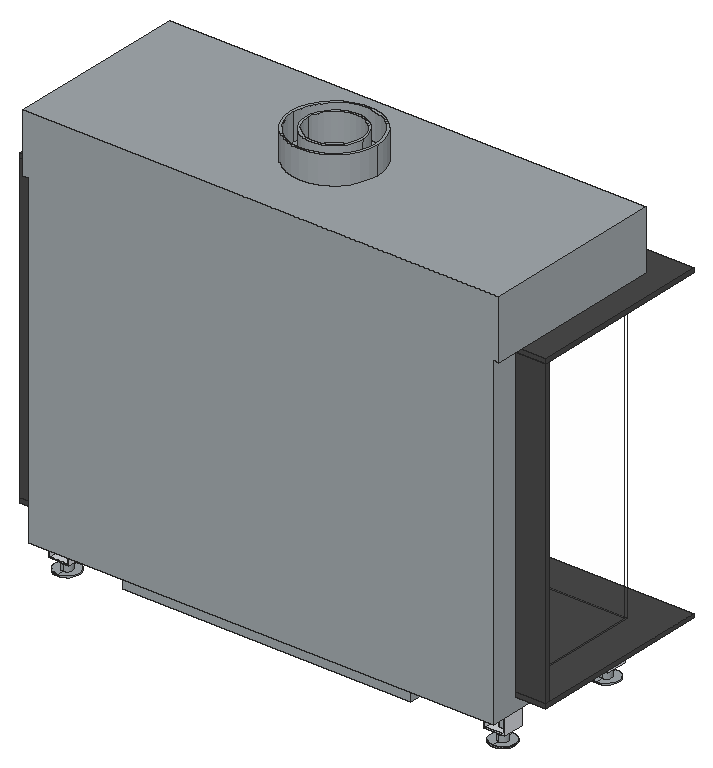
Revit family "1METALFIRE_AVENUE_MF_GHE_3S", category Mechanical Equipment, host Wall, Revit 2017
Family settings
  Host = Wall
  Round Connector Dimension = Use Diameter
  Part Type = Normal
  OmniClass Number = 23.75.00.00
  OmniClass Title = Climate Control (HVAC)
  Always vertical = Yes
  Cut with Voids When Loaded = No
  Shared = No
  Room Calculation Point = Yes
Parameters (values of type "1050 x 750 mm")
  WIDTH = 1107 mm
  WEIGHT = 150.00 kg
  URL = "https://www.metalfire.eu"
  TECHNICAL SHEET = "https://www.metalfire.eu/en/products/gas-fireplaces/avenue"
  SMOKE EXHAUST = "Ø130/200 mm"
  PRODUCT SHEET = "https://www.archiproducts.com/en/products/metalfire/gas-3-sided-fireplace-avenue-3-sided-fireplace_457082"
  PRODUCT CODE = "MF 1050-75 GHE 3S"
  OVERALL WIDTH = 1178 mm
  OVERALL HEIGHT = 1120 mm
  OVERALL DEPTH = 444 mm
  OUTPUT = 9.5 kW
  Model = "Avenue"
  Manufacturer = "Metalfire"
  MATERIAL DESCRIPTION = "Iron, galvanized steel and vermiculite plates"
  HEIGHT = 740 mm
  FRAME MATERIAL = Iron - Metalfire
  FINISHING MATERIAL = Black painted vermiculite plates - Metalfire
  ENERGY EFFICIENCY CLASS = "A (G20) / B (G30)"
  EFFICIENCY = 87.00%
  Description = "The Avenue represents the gas-fired high efficiency closed fireplaces in the Metalfire range."
  DEPTH = 336 mm
  BIM USER MANUAL = "https://img.edilportale.com/bim/METALFIRE-BIM-USER-MANUAL-Metalfire-bim.pdf"
  BIM BADGE = "https://bim.archiproducts.com/en/badge/bim-archiproducts-featured_658700/about"
  BIM AUTHOR = "https://bim.archiproducts.com"
Types (8, lengths in mm): name | WIDTH | WEIGHT | PRODUCT CODE | OVERALL WIDTH | OVERALL HEIGHT | OUTPUT | HEIGHT | ENERGY EFFICIENCY CLASS | EFFICIENCY
  1050 x 750 mm | 1107 | 150.00 kg | "MF 1050-75 GHE 3S" | 1178 | 1120 | 9.5 kW | 740 | "A (G20) / B (G30)" | 87.00%
  800 x 750 mm | 857 | 100.00 kg | "MF 800-75 GHE 3S" | 928 | 1120 | 8.1 kW | 740 | "B" | 84.50%
  900 x 600 mm | 957 | 100.00 kg | "MF 900-60 GHE 3S" | 1028 | 970 | 8.1 kW | 590 | "B" | 84.50%
  1050 x 400 mm | 1107 | 100.00 kg | "MF 1050-40 GHE 3S" | 1178 | 770 | 8.0 kW | 390 | "B" | 84.80%
  1050 x 600 mm | 1107 | 150.00 kg | "MF 1050-60 GHE 3S" | 1178 | 970 | 9.5 kW | 590 | "A (G20) / B (G30)" | 87.00%
  1300 x 400 mm | 1300 | 100.00 kg | "MF 1300-40 GHE 3S" | 1428 | 770 | 8.4 kW | 590 | "B" | 82.00%
  1300 x 600 mm | 1357 | 150.00 kg | "MF 1300-60 GHE 3S" | 1428 | 970 | 9.5 kW | 590 | "A (G20) / B (G30)" | 87.00%
  1600 x 400 mm | 1657 | 150.00 kg | "MF 1600-40 GHE 3S" | 1728 | 770 | 9.5 kW | 390 | "B" | 83.30%
Reference planes
  plane 1 "Wall": y = 0
  plane 2 "Center (Left/Right)": x = 0
  plane 3 "Back": y = 600
  plane 4: x = 553.5
  plane 5: x = -553.5
  plane 6: z = 121
  plane 7: z = 861
Forms (mm)
  Extrusion 1, solid, material "Iron - Metalfire" <- "FRAME MATERIAL", detail levels fine
    sketch origin (0, 381.083, 0) x (-1, 0, 0) y (0, -1, 0)
      loop
        circle (0, 73.083) r 100
      loop
        circle (0, 73.083) r 105
    from 1014 to 1080
  Extrusion 2, solid, material "Iron - Metalfire" <- "FRAME MATERIAL", detail levels fine
    sketch origin (0, 300, 0) x (-1, 0, 0) y (0, 0, 1)
      loop
        line (-349.5, 46) -> (349.5, 46) -> (349.5, 78) -> (-349.5, 78) -> (-349.5, 46)
    from 188 to -197
  Extrusion 3, solid, material "Black painted vermiculite plates - Metalfire" <- "FINISHING MATERIAL", detail levels medium+fine
    sketch origin (1538.26, 300, 0) x (-1, 0, 0) y (0, 0, 1)
      loop
        line (900.76, 111) -> (2175.76, 111) -> (2175.76, 121) -> (900.76, 121) -> (900.76, 111)
      loop
        line (2175.76, 871) -> (900.76, 871) -> (900.76, 861) -> (2175.76, 861) -> (2175.76, 871)
    from 300 to -148
  Extrusion 4, solid, material "Iron - Metalfire" <- "FRAME MATERIAL", detail levels fine
    sketch origin (0, 300, 0) x (0, -1, 0) y (0, 0, -1)
      loop
        line (-230, -1014) -> (214, -1014) -> (214, -78) -> (-207, -78) -> (-207, -111) -> (148, -111) -> (148, -871) -> (-230, -871) -> (-230, -1014)
    from -563.5 to 563.5
  Extrusion 5, solid, material "Black painted vermiculite plates - Metalfire" <- "FINISHING MATERIAL", detail levels medium+fine
    sketch origin (0, 300, 0) x (-1, 0, 0) y (0, 0, 1)
      loop
        line (-637.5, 121) -> (637.5, 121) -> (637.5, 861) -> (-637.5, 861) -> (-637.5, 121)
    from -148 to -138
  Extrusion 6, solid, material "Iron - Metalfire" <- "FRAME MATERIAL", detail levels fine
    sketch origin (0, 381.083, 0) x (-1, 0, 0) y (0, -1, 0)
      loop
        circle (0, 73.083) r 65
      loop
        circle (0, 73.083) r 70
    from 1014 to 1080
  Extrusion 7, solid, material "Iron - Metalfire" <- "FRAME MATERIAL", detail levels fine
    sketch origin (0, 300, 0) x (0, -1, 0) y (0, 0, 1)
      loop
        line (-230, 1014) -> (-230, 871) -> (214, 871) -> (214, 1014) -> (-230, 1014)
    from 563.5 to 577.5
  Extrusion 8, solid, material "Clear Glass - Metalfire", detail levels medium+fine
    sketch origin (0, 0, 0) x (1, 0, 0) y (0, 1, 0)
      loop
        line (-553.5, 507) -> (-553.5, 162) -> (-548.5, 162) -> (-548.5, 502) -> (548.5, 502) -> (548.5, 162) -> (553.5, 162) -> (553.5, 507) -> (-553.5, 507)
    from 121 to 861
  Extrusion 9, solid, material "Iron - Metalfire" <- "FRAME MATERIAL", detail levels fine
    sketch origin (-11.25, 300, 0) x (0, -1, 0) y (0, 0, -1)
      loop
        line (-230, -1014) -> (214, -1014) -> (214, -871) -> (-230, -871) -> (-230, -1014)
    from 574.75 to 588.75
  Revolve 10, solid, material "Iron - Metalfire" <- "FRAME MATERIAL", detail levels fine
    sketch origin (-528.5, -242.858, 1200) x (0, -1, 0) y (0, 0, 1)
      loop
        line (-714.93, -1200) -> (-684.93, -1200) -> (-684.93, -1197) -> (-702.93, -1197) -> (-702.93, -1184) -> (-706.93, -1184) -> (-706.93, -1122) -> (-714.93, -1122) -> (-714.93, -1200)
      axis (-714.93, -1122) -> (-714.93, -1200)
    angle from 0 to 360
  Revolve 11, solid, material "Iron - Metalfire" <- "FRAME MATERIAL", detail levels fine
    sketch origin (-528.5, 70.642, 1200) x (0, -1, 0) y (0, 0, 1)
      loop
        line (-87.93, -1200) -> (-57.93, -1200) -> (-57.93, -1197) -> (-75.93, -1197) -> (-75.93, -1184) -> (-79.93, -1184) -> (-79.93, -1122) -> (-87.93, -1122) -> (-87.93, -1200)
      axis (-87.93, -1122) -> (-87.93, -1200)
    angle from 0 to 360
  Revolve 12, solid, material "Iron - Metalfire" <- "FRAME MATERIAL", detail levels fine
    sketch origin (-528.5, -242.858, 1200) x (0, -1, 0) y (0, 0, 1)
      loop
        line (-714.93, -1200) -> (-684.93, -1200) -> (-684.93, -1197) -> (-702.93, -1197) -> (-702.93, -1184) -> (-706.93, -1184) -> (-706.93, -1122) -> (-714.93, -1122) -> (-714.93, -1200)
      axis (-714.93, -1122) -> (-714.93, -1200)
    angle from 0 to 360
  Revolve 13, solid, material "Iron - Metalfire" <- "FRAME MATERIAL", detail levels fine
    sketch origin (-528.5, 70.642, 1200) x (0, -1, 0) y (0, 0, 1)
      loop
        line (-87.93, -1200) -> (-57.93, -1200) -> (-57.93, -1197) -> (-75.93, -1197) -> (-75.93, -1184) -> (-79.93, -1184) -> (-79.93, -1122) -> (-87.93, -1122) -> (-87.93, -1200)
      axis (-87.93, -1122) -> (-87.93, -1200)
    angle from 0 to 360
  Extrusion 14, solid, detail levels fine
    sketch origin (-49.5, 1.572, 0) x (-1, 0, 0) y (0, 0, 1)
      loop
        line (457, 78) -> (454, 78) -> (454, 29.8) -> (504, 29.8) -> (504, 78) -> (501, 78) -> (501, 32.8) -> (457, 32.8) -> (457, 78)
    from 131 to 183
  Extrusion 15, solid, detail levels fine
    sketch origin (-49.5, 562.572, 0) x (-1, 0, 0) y (0, 0, -1)
      loop
        line (457, -78) -> (457, -32.8) -> (501, -32.8) -> (501, -78) -> (504, -78) -> (504, -29.8) -> (454, -29.8) -> (454, -78) -> (457, -78)
    from 64.5 to 116.5
  Revolve 16, solid, material "Iron - Metalfire" <- "FRAME MATERIAL", detail levels fine
    sketch origin (528.5, -242.858, 1200) x (0, -1, 0) y (0, 0, -1)
      loop
        line (-714.93, 1200) -> (-714.93, 1122) -> (-706.93, 1122) -> (-706.93, 1184) -> (-702.93, 1184) -> (-702.93, 1197) -> (-684.93, 1197) -> (-684.93, 1200) -> (-714.93, 1200)
      axis (-714.93, 1122) -> (-714.93, 1200)
    angle from 0 to 360
  Revolve 17, solid, material "Iron - Metalfire" <- "FRAME MATERIAL", detail levels fine
    sketch origin (528.5, 70.642, 1200) x (0, -1, 0) y (0, 0, -1)
      loop
        line (-87.93, 1200) -> (-87.93, 1122) -> (-79.93, 1122) -> (-79.93, 1184) -> (-75.93, 1184) -> (-75.93, 1197) -> (-57.93, 1197) -> (-57.93, 1200) -> (-87.93, 1200)
      axis (-87.93, 1122) -> (-87.93, 1200)
    angle from 0 to 360
  Revolve 18, solid, material "Iron - Metalfire" <- "FRAME MATERIAL", detail levels fine
    sketch origin (528.5, -242.858, 1200) x (0, -1, 0) y (0, 0, -1)
      loop
        line (-714.93, 1200) -> (-714.93, 1122) -> (-706.93, 1122) -> (-706.93, 1184) -> (-702.93, 1184) -> (-702.93, 1197) -> (-684.93, 1197) -> (-684.93, 1200) -> (-714.93, 1200)
      axis (-714.93, 1122) -> (-714.93, 1200)
    angle from 0 to 360
  Revolve 19, solid, material "Iron - Metalfire" <- "FRAME MATERIAL", detail levels fine
    sketch origin (528.5, 70.642, 1200) x (0, -1, 0) y (0, 0, -1)
      loop
        line (-87.93, 1200) -> (-87.93, 1122) -> (-79.93, 1122) -> (-79.93, 1184) -> (-75.93, 1184) -> (-75.93, 1197) -> (-57.93, 1197) -> (-57.93, 1200) -> (-87.93, 1200)
      axis (-87.93, 1122) -> (-87.93, 1200)
    angle from 0 to 360
  Extrusion 20, solid, detail levels fine
    sketch origin (49.5, 1.572, 0) x (1, 0, 0) y (0, 0, -1)
      loop
        line (457, -78) -> (457, -32.8) -> (501, -32.8) -> (501, -78) -> (504, -78) -> (504, -29.8) -> (454, -29.8) -> (454, -78) -> (457, -78)
    from 131 to 183
  Extrusion 21, solid, detail levels fine
    sketch origin (49.5, 562.572, 0) x (1, 0, 0) y (0, 0, 1)
      loop
        line (457, 78) -> (454, 78) -> (454, 29.8) -> (504, 29.8) -> (504, 78) -> (501, 78) -> (501, 32.8) -> (457, 32.8) -> (457, 78)
    from 64.5 to 116.5
  Revolve 22, solid, material "Iron - Metalfire" <- "FRAME MATERIAL", not visible, detail levels fine
    sketch origin (-435, -544.43, 1200) x (0, -1, 0) y (0, 0, 1)
      loop
        line (-714.93, -1200) -> (-684.93, -1200) -> (-684.93, -1197) -> (-702.93, -1197) -> (-702.93, -1184) -> (-706.93, -1184) -> (-706.93, -1122) -> (-714.93, -1122) -> (-714.93, -1200)
      axis (-714.93, -1122) -> (-714.93, -1200)
    angle from 0 to 360
  Revolve 23, solid, material "Iron - Metalfire" <- "FRAME MATERIAL", not visible, detail levels fine
    sketch origin (-435, -230.93, 1200) x (0, -1, 0) y (0, 0, 1)
      loop
        line (-87.93, -1200) -> (-57.93, -1200) -> (-57.93, -1197) -> (-75.93, -1197) -> (-75.93, -1184) -> (-79.93, -1184) -> (-79.93, -1122) -> (-87.93, -1122) -> (-87.93, -1200)
      axis (-87.93, -1122) -> (-87.93, -1200)
    angle from 0 to 360
  Revolve 24, solid, material "Iron - Metalfire" <- "FRAME MATERIAL", not visible, detail levels fine
    sketch origin (-435, -544.43, 1200) x (0, -1, 0) y (0, 0, 1)
      loop
        line (-714.93, -1200) -> (-684.93, -1200) -> (-684.93, -1197) -> (-702.93, -1197) -> (-702.93, -1184) -> (-706.93, -1184) -> (-706.93, -1122) -> (-714.93, -1122) -> (-714.93, -1200)
      axis (-714.93, -1122) -> (-714.93, -1200)
    angle from 0 to 360
  Revolve 25, solid, material "Iron - Metalfire" <- "FRAME MATERIAL", not visible, detail levels fine
    sketch origin (-435, -230.93, 1200) x (0, -1, 0) y (0, 0, 1)
      loop
        line (-87.93, -1200) -> (-57.93, -1200) -> (-57.93, -1197) -> (-75.93, -1197) -> (-75.93, -1184) -> (-79.93, -1184) -> (-79.93, -1122) -> (-87.93, -1122) -> (-87.93, -1200)
      axis (-87.93, -1122) -> (-87.93, -1200)
    angle from 0 to 360
  Extrusion 26, solid, not visible, detail levels fine
    sketch origin (44, -300, 0) x (-1, 0, 0) y (0, 0, 1)
      loop
        line (457, 78) -> (454, 78) -> (454, 29.8) -> (504, 29.8) -> (504, 78) -> (501, 78) -> (501, 32.8) -> (457, 32.8) -> (457, 78)
    from 131 to 183
  Extrusion 27, solid, not visible, detail levels fine
    sketch origin (44, 261, 0) x (-1, 0, 0) y (0, 0, -1)
      loop
        line (457, -78) -> (457, -32.8) -> (501, -32.8) -> (501, -78) -> (504, -78) -> (504, -29.8) -> (454, -29.8) -> (454, -78) -> (457, -78)
    from 64.5 to 116.5
  Revolve 28, solid, material "Iron - Metalfire" <- "FRAME MATERIAL", not visible, detail levels fine
    sketch origin (447, -544.43, 1200) x (0, -1, 0) y (0, 0, -1)
      loop
        line (-714.93, 1200) -> (-714.93, 1122) -> (-706.93, 1122) -> (-706.93, 1184) -> (-702.93, 1184) -> (-702.93, 1197) -> (-684.93, 1197) -> (-684.93, 1200) -> (-714.93, 1200)
      axis (-714.93, 1122) -> (-714.93, 1200)
    angle from 0 to 360
  Revolve 29, solid, material "Iron - Metalfire" <- "FRAME MATERIAL", not visible, detail levels fine
    sketch origin (447, -230.93, 1200) x (0, -1, 0) y (0, 0, -1)
      loop
        line (-87.93, 1200) -> (-87.93, 1122) -> (-79.93, 1122) -> (-79.93, 1184) -> (-75.93, 1184) -> (-75.93, 1197) -> (-57.93, 1197) -> (-57.93, 1200) -> (-87.93, 1200)
      axis (-87.93, 1122) -> (-87.93, 1200)
    angle from 0 to 360
  Revolve 30, solid, material "Iron - Metalfire" <- "FRAME MATERIAL", not visible, detail levels fine
    sketch origin (447, -544.43, 1200) x (0, -1, 0) y (0, 0, -1)
      loop
        line (-714.93, 1200) -> (-714.93, 1122) -> (-706.93, 1122) -> (-706.93, 1184) -> (-702.93, 1184) -> (-702.93, 1197) -> (-684.93, 1197) -> (-684.93, 1200) -> (-714.93, 1200)
      axis (-714.93, 1122) -> (-714.93, 1200)
    angle from 0 to 360
  Revolve 31, solid, material "Iron - Metalfire" <- "FRAME MATERIAL", not visible, detail levels fine
    sketch origin (447, -230.93, 1200) x (0, -1, 0) y (0, 0, -1)
      loop
        line (-87.93, 1200) -> (-87.93, 1122) -> (-79.93, 1122) -> (-79.93, 1184) -> (-75.93, 1184) -> (-75.93, 1197) -> (-57.93, 1197) -> (-57.93, 1200) -> (-87.93, 1200)
      axis (-87.93, 1122) -> (-87.93, 1200)
    angle from 0 to 360
  Extrusion 32, solid, not visible, detail levels fine
    sketch origin (-32, -300, 0) x (1, 0, 0) y (0, 0, -1)
      loop
        line (457, -78) -> (457, -32.8) -> (501, -32.8) -> (501, -78) -> (504, -78) -> (504, -29.8) -> (454, -29.8) -> (454, -78) -> (457, -78)
    from 131 to 183
  Extrusion 33, solid, not visible, detail levels fine
    sketch origin (-32, 261, 0) x (1, 0, 0) y (0, 0, 1)
      loop
        line (457, 78) -> (454, 78) -> (454, 29.8) -> (504, 29.8) -> (504, 78) -> (501, 78) -> (501, 32.8) -> (457, 32.8) -> (457, 78)
    from 64.5 to 116.5
  Extrusion 34, void
    sketch origin (0, 0, 0) x (1, 0, 0) y (0, 1, 0)
      loop
        line (-577.5, 86) -> (577.5, 86) -> (577.5, 530) -> (-577.5, 530) -> (-577.5, 86)
    from 0 to 1080
  Extrusion 35, void
    sketch origin (0, 0, 0) x (1, 0, 0) y (0, 1, 0)
      loop
        line (-637.5, 152) -> (-577.5, 152) -> (-577.5, 530) -> (577.5, 530) -> (577.5, 152) -> (637.5, 152) -> (637.5, 600) -> (-637.5, 600) -> (-637.5, 152)
    from 111 to 871
Cuts and joins
  joined: Extrusion 4, Extrusion 7, Extrusion 9
Text (mm)
  text "Placement side" at (-1820.995, 1116.779, 0), in view "Ref. Level"
  text "Placement side" at (0, 1334.055, 2976.191), in view "Left"
  text "Placement side" at (0, 439.194, 2944.362), in view "Right"
Dimensions and locks
  locked: plane 3 "Back" to host wall
  equal spacing: plane 5, plane 2 "Center (Left/Right)", plane 4
  "WIDTH": plane 5 to plane 4
  locked: level to plane 6 at 121
  "HEIGHT": plane 6 to plane 7
  locked: plane 7 to Extrusion 1 at 219
  locked: Extrusion 4 sketch curve to plane 7 at 10
  locked: Extrusion 4 sketch curve to plane 7 at 153
  locked: plane 6 to Extrusion 4 sketch curve at 10
  locked: plane 6 to Extrusion 4 sketch curve at 43
  Extrusion 2 to plane 2 "Center (Left/Right)" to Extrusion 2 = 349.5 mm locked, 349.5 mm locked
  locked: plane 5 to Extrusion 3 sketch curve at 84
  locked: Extrusion 3 sketch curve to plane 5 at 84
  locked: Extrusion 7 sketch curve to plane 7 at 153
  locked: Extrusion 7 sketch curve to plane 7 at 10
  plane 5 to Extrusion 7 to Extrusion 7 = 10 mm locked, 14 mm locked
  locked: plane 5 to Extrusion 8 sketch curve at 5
  plane 4 to Extrusion 9 = 24 mm
  locked: Extrusion 3 sketch curve to plane 4 at 84
  locked: plane 4 to Extrusion 3 sketch curve at 84
  locked: Extrusion 8 sketch curve to plane 4 at 5
  Extrusion 2 to Extrusion 2 to plane 3 "Back" = 385 mm locked, 112 mm locked
  locked: plane 3 "Back" to Extrusion 21 at 101.928
  locked: plane 3 "Back" to Extrusion 15 at 101.928
  locked: Extrusion 3 to plane 3 "Back" at 448
  locked: Extrusion 5 to Extrusion 3 at 10
  locked: Extrusion 8 sketch curve to plane 3 "Back" at 438
  locked: Extrusion 8 sketch curve to Extrusion 8 sketch curve at 5
  locked: plane 3 "Back" to Extrusion 8 sketch curve at 93
  locked: Extrusion 1 sketch curve to plane 3 "Back" at 292
  locked: Extrusion 6 sketch curve to plane 3 "Back" at 292
  locked: Extrusion 4 sketch curve to plane 3 "Back" at 514
  locked: Extrusion 4 to plane 5 at 10
  locked: plane 4 to Extrusion 4 at 10
  locked: Extrusion 7 to Extrusion 7 at 14
  locked: Extrusion 9 to Extrusion 9 at 14
  locked: Extrusion 5 to Extrusion 3 sketch curve at 10
  locked: cut or joined group of Extrusion 4, Extrusion 7, Extrusion 9 to Extrusion 5 at 10
  aligned and locked: plane 1 "Wall" to host wall
  aligned and locked: plane 7 to Extrusion 3 sketch curve
  aligned and locked: Extrusion 3 sketch curve to plane 6
  aligned and locked: plane 7 to Extrusion 5
  aligned and locked: Extrusion 5 sketch curve to plane 6
  aligned and locked: Extrusion 1 to Extrusion 6  (x2)
  aligned and locked: Extrusion 4 to Extrusion 7
  aligned and locked: Extrusion 8 sketch curve to plane 5
  aligned and locked: Extrusion 8 to plane 6
  aligned and locked: plane 7 to Extrusion 8
  aligned and locked: Extrusion 3 to Extrusion 5
  aligned and locked: Extrusion 8 sketch curve to plane 4
  aligned and locked: Extrusion 15 to plane 5
  aligned and locked: plane 4 to Extrusion 21
  aligned and locked: Extrusion 3 to plane 3 "Back"
  aligned and locked: Extrusion 5 to Extrusion 3
  aligned and locked: Extrusion 8 sketch curve to Extrusion 8 sketch curve
  aligned and locked: Extrusion 9 to Extrusion 4  (x3)
  aligned and locked: Extrusion 1 to Extrusion 4
  aligned and locked: Extrusion 7 to Extrusion 4  (x2)
  aligned and locked: Extrusion 34 sketch curve to cut or joined group of Extrusion 4, Extrusion 7, Extrusion 9  (x4)
  aligned and locked: Extrusion 34 to Extrusion 1
  aligned and locked: cut or joined group of Extrusion 4, Extrusion 7, Extrusion 9 to Extrusion 35 sketch curve  (x3)
  aligned and locked: Extrusion 35 sketch curve to Extrusion 3  (x4)
  aligned and locked: Extrusion 3 to Extrusion 35 sketch curve
  aligned and locked: Extrusion 35 to Extrusion 3  (x2)
  aligned and locked: nested 1 to cut or joined group of Extrusion 4, Extrusion 7, Extrusion 9  (x4)
Automatic sketch dimensions
  Extrusion 1 sketch curve to Extrusion 1 sketch curve = 0 mm  (x2)
  Extrusion 1 sketch curve to plane 2 "Center (Left/Right)" = 0 mm
  Extrusion 2 sketch curve to plane 6 = 43 mm
  Extrusion 2 sketch curve to plane 4 = 204 mm
  plane 5 to Extrusion 2 sketch curve = 204 mm
  Extrusion 2 sketch curve to Extrusion 2 sketch curve = 32 mm
  plane 4 to Extrusion 5 sketch curve = 84 mm
  Extrusion 5 sketch curve to plane 7 = 0 mm
  Extrusion 5 sketch curve to plane 5 = 84 mm
  Extrusion 6 sketch curve to Extrusion 6 sketch curve = 0 mm  (x2)
  Extrusion 6 sketch curve to plane 2 "Center (Left/Right)" = 0 mm
  Extrusion 7 sketch curve to host wall = 70 mm
  Extrusion 7 sketch curve to host wall = 686 mm
  plane 7 to Extrusion 9 sketch curve = 10 mm
  Extrusion 9 sketch curve to host wall = 70 mm
  Extrusion 9 sketch curve to host wall = 686 mm
  Extrusion 9 sketch curve to Extrusion 9 sketch curve = 143 mm
  Extrusion 3 sketch curve to plane 6 = 10 mm
  Revolve 10 sketch curve to Revolve 10 sketch curve = 8 mm
  Revolve 10 sketch curve to Revolve 10 sketch curve = 4 mm
  Revolve 10 sketch curve to Revolve 10 sketch curve = 18 mm
  Revolve 10 sketch curve to Revolve 10 sketch curve = 13 mm
  Revolve 10 sketch curve to Revolve 10 sketch curve = 0 mm
  Revolve 11 sketch curve to Revolve 11 sketch curve = 8 mm
  Revolve 11 sketch curve to Revolve 11 sketch curve = 4 mm
  Revolve 11 sketch curve to Revolve 11 sketch curve = 18 mm
  Revolve 11 sketch curve to Revolve 11 sketch curve = 13 mm
  Revolve 11 sketch curve to Revolve 11 sketch curve = 0 mm
  Revolve 12 sketch curve to Revolve 12 sketch curve = 8 mm
  Revolve 12 sketch curve to Revolve 12 sketch curve = 4 mm
  Revolve 12 sketch curve to Revolve 12 sketch curve = 18 mm
  Revolve 12 sketch curve to Revolve 12 sketch curve = 13 mm
  Revolve 12 sketch curve to Revolve 12 sketch curve = 0 mm
  Revolve 13 sketch curve to Revolve 13 sketch curve = 8 mm
  Revolve 13 sketch curve to Revolve 13 sketch curve = 4 mm
  Revolve 13 sketch curve to Revolve 13 sketch curve = 18 mm
  Revolve 13 sketch curve to Revolve 13 sketch curve = 13 mm
  Revolve 13 sketch curve to Revolve 13 sketch curve = 0 mm
  Extrusion 14 sketch curve to Extrusion 14 sketch curve = 3 mm  (x3)
  Extrusion 15 sketch curve to Extrusion 15 sketch curve = 3 mm  (x3)
  Revolve 16 sketch curve to Revolve 16 sketch curve = 8 mm
  Revolve 16 sketch curve to Revolve 16 sketch curve = 4 mm
  Revolve 16 sketch curve to Revolve 16 sketch curve = 18 mm
  Revolve 16 sketch curve to Revolve 16 sketch curve = 13 mm
  Revolve 16 sketch curve to Revolve 16 sketch curve = 0 mm
  Revolve 16 sketch curve to Revolve 16 sketch curve = 38.099 mm
  Revolve 17 sketch curve to Revolve 17 sketch curve = 8 mm
  Revolve 17 sketch curve to Revolve 17 sketch curve = 4 mm
  Revolve 17 sketch curve to Revolve 17 sketch curve = 18 mm
  Revolve 17 sketch curve to Revolve 17 sketch curve = 13 mm
  Revolve 17 sketch curve to Revolve 17 sketch curve = 0 mm
  Revolve 17 sketch curve to Revolve 17 sketch curve = 38.099 mm
  Revolve 18 sketch curve to Revolve 18 sketch curve = 8 mm
  Revolve 18 sketch curve to Revolve 18 sketch curve = 4 mm
  Revolve 18 sketch curve to Revolve 18 sketch curve = 18 mm
  Revolve 18 sketch curve to Revolve 18 sketch curve = 13 mm
  Revolve 18 sketch curve to Revolve 18 sketch curve = 0 mm
  Revolve 18 sketch curve to Revolve 18 sketch curve = 38.099 mm
  Revolve 19 sketch curve to Revolve 19 sketch curve = 8 mm
  Revolve 19 sketch curve to Revolve 19 sketch curve = 4 mm
  Revolve 19 sketch curve to Revolve 19 sketch curve = 18 mm
  Revolve 19 sketch curve to Revolve 19 sketch curve = 13 mm
  Revolve 19 sketch curve to Revolve 19 sketch curve = 0 mm
  Revolve 19 sketch curve to Revolve 19 sketch curve = 38.099 mm
  Extrusion 20 sketch curve to Extrusion 20 sketch curve = 3 mm  (x3)
  Extrusion 21 sketch curve to Extrusion 21 sketch curve = 3 mm  (x3)
  Revolve 10 sketch curve to Revolve 10 sketch curve = 3 mm
  Revolve 10 sketch curve to Revolve 10 sketch curve = 62 mm
  Revolve 10 sketch curve to Revolve 10 sketch curve = 38.099 mm
  Revolve 10 sketch curve to Revolve 10 sketch curve = 58.901 mm
  Revolve 11 sketch curve to Revolve 11 sketch curve = 3 mm
  Revolve 11 sketch curve to Revolve 11 sketch curve = 62 mm
  Revolve 11 sketch curve to Revolve 11 sketch curve = 38.099 mm
  Revolve 11 sketch curve to Revolve 11 sketch curve = 58.901 mm
  Revolve 12 sketch curve to Revolve 12 sketch curve = 3 mm
  Revolve 12 sketch curve to Revolve 12 sketch curve = 62 mm
  Revolve 12 sketch curve to Revolve 12 sketch curve = 38.099 mm
  Revolve 12 sketch curve to Revolve 12 sketch curve = 58.901 mm
  Revolve 13 sketch curve to Revolve 13 sketch curve = 3 mm
  Revolve 13 sketch curve to Revolve 13 sketch curve = 62 mm
  Revolve 13 sketch curve to Revolve 13 sketch curve = 38.099 mm
  Revolve 13 sketch curve to Revolve 13 sketch curve = 58.901 mm
  Extrusion 14 sketch curve to Extrusion 14 sketch curve = 44 mm
  Extrusion 14 sketch curve to Extrusion 14 sketch curve = 45.2 mm  (x2)
  Extrusion 15 sketch curve to Extrusion 15 sketch curve = 44 mm
  Extrusion 15 sketch curve to Extrusion 15 sketch curve = 0 mm
  Extrusion 15 sketch curve to Extrusion 15 sketch curve = 45.2 mm
  Revolve 16 sketch curve to Revolve 16 sketch curve = 62 mm
  Revolve 16 sketch curve to Revolve 16 sketch curve = 3 mm
  Revolve 16 sketch curve to Revolve 16 sketch curve = 58.901 mm
  Revolve 17 sketch curve to Revolve 17 sketch curve = 62 mm
  Revolve 17 sketch curve to Revolve 17 sketch curve = 3 mm
  Revolve 17 sketch curve to Revolve 17 sketch curve = 58.901 mm
  Revolve 18 sketch curve to Revolve 18 sketch curve = 62 mm
  Revolve 18 sketch curve to Revolve 18 sketch curve = 3 mm
  Revolve 18 sketch curve to Revolve 18 sketch curve = 58.901 mm
  Revolve 19 sketch curve to Revolve 19 sketch curve = 62 mm
  Revolve 19 sketch curve to Revolve 19 sketch curve = 3 mm
  Revolve 19 sketch curve to Revolve 19 sketch curve = 58.901 mm
  Extrusion 20 sketch curve to Extrusion 20 sketch curve = 44 mm
  Extrusion 20 sketch curve to Extrusion 20 sketch curve = 0 mm
  Extrusion 20 sketch curve to Extrusion 20 sketch curve = 45.2 mm
  Extrusion 21 sketch curve to Extrusion 21 sketch curve = 44 mm
  Extrusion 21 sketch curve to Extrusion 21 sketch curve = 45.2 mm  (x2)
  Revolve 22 sketch curve to Revolve 22 sketch curve = 8 mm
  Revolve 22 sketch curve to Revolve 22 sketch curve = 4 mm
  Revolve 22 sketch curve to Revolve 22 sketch curve = 18 mm
  Revolve 22 sketch curve to Revolve 22 sketch curve = 13 mm
  Revolve 22 sketch curve to Revolve 22 sketch curve = 0 mm
  Revolve 23 sketch curve to Revolve 23 sketch curve = 8 mm
  Revolve 23 sketch curve to Revolve 23 sketch curve = 4 mm
  Revolve 23 sketch curve to Revolve 23 sketch curve = 18 mm
  Revolve 23 sketch curve to Revolve 23 sketch curve = 13 mm
  Revolve 23 sketch curve to Revolve 23 sketch curve = 0 mm
  Revolve 24 sketch curve to Revolve 24 sketch curve = 8 mm
  Revolve 24 sketch curve to Revolve 24 sketch curve = 4 mm
  Revolve 24 sketch curve to Revolve 24 sketch curve = 18 mm
  Revolve 24 sketch curve to Revolve 24 sketch curve = 13 mm
  Revolve 24 sketch curve to Revolve 24 sketch curve = 0 mm
  Revolve 25 sketch curve to Revolve 25 sketch curve = 8 mm
  Revolve 25 sketch curve to Revolve 25 sketch curve = 4 mm
  Revolve 25 sketch curve to Revolve 25 sketch curve = 18 mm
  Revolve 25 sketch curve to Revolve 25 sketch curve = 13 mm
  Revolve 25 sketch curve to Revolve 25 sketch curve = 0 mm
  Extrusion 26 sketch curve to Extrusion 26 sketch curve = 3 mm  (x3)
  Extrusion 27 sketch curve to Extrusion 27 sketch curve = 3 mm  (x3)
  Revolve 22 sketch curve to Revolve 22 sketch curve = 3 mm
  Revolve 22 sketch curve to Revolve 22 sketch curve = 62 mm
  Revolve 22 sketch curve to Revolve 22 sketch curve = 38.099 mm
  Revolve 22 sketch curve to Revolve 22 sketch curve = 58.901 mm
  Revolve 23 sketch curve to Revolve 23 sketch curve = 3 mm
  Revolve 23 sketch curve to Revolve 23 sketch curve = 62 mm
  Revolve 23 sketch curve to Revolve 23 sketch curve = 38.099 mm
  Revolve 23 sketch curve to Revolve 23 sketch curve = 58.901 mm
  Revolve 24 sketch curve to Revolve 24 sketch curve = 3 mm
  Revolve 24 sketch curve to Revolve 24 sketch curve = 62 mm
  Revolve 24 sketch curve to Revolve 24 sketch curve = 38.099 mm
  Revolve 24 sketch curve to Revolve 24 sketch curve = 58.901 mm
  Revolve 25 sketch curve to Revolve 25 sketch curve = 3 mm
  Revolve 25 sketch curve to Revolve 25 sketch curve = 62 mm
  Revolve 25 sketch curve to Revolve 25 sketch curve = 38.099 mm
  Revolve 25 sketch curve to Revolve 25 sketch curve = 58.901 mm
  Extrusion 26 sketch curve to Extrusion 26 sketch curve = 44 mm
  Extrusion 26 sketch curve to Extrusion 26 sketch curve = 45.2 mm  (x2)
  Extrusion 27 sketch curve to Extrusion 27 sketch curve = 44 mm
  Extrusion 27 sketch curve to Extrusion 27 sketch curve = 0 mm
  Extrusion 27 sketch curve to Extrusion 27 sketch curve = 45.2 mm
  Revolve 28 sketch curve to Revolve 28 sketch curve = 8 mm
  Revolve 28 sketch curve to Revolve 28 sketch curve = 4 mm
  Revolve 28 sketch curve to Revolve 28 sketch curve = 18 mm
  Revolve 28 sketch curve to Revolve 28 sketch curve = 13 mm
  Revolve 28 sketch curve to Revolve 28 sketch curve = 0 mm
  Revolve 28 sketch curve to Revolve 28 sketch curve = 38.099 mm
  Revolve 29 sketch curve to Revolve 29 sketch curve = 8 mm
  Revolve 29 sketch curve to Revolve 29 sketch curve = 4 mm
  Revolve 29 sketch curve to Revolve 29 sketch curve = 18 mm
  Revolve 29 sketch curve to Revolve 29 sketch curve = 13 mm
  Revolve 29 sketch curve to Revolve 29 sketch curve = 0 mm
  Revolve 29 sketch curve to Revolve 29 sketch curve = 38.099 mm
  Revolve 30 sketch curve to Revolve 30 sketch curve = 8 mm
  Revolve 30 sketch curve to Revolve 30 sketch curve = 4 mm
  Revolve 30 sketch curve to Revolve 30 sketch curve = 18 mm
  Revolve 30 sketch curve to Revolve 30 sketch curve = 13 mm
  Revolve 30 sketch curve to Revolve 30 sketch curve = 0 mm
  Revolve 30 sketch curve to Revolve 30 sketch curve = 38.099 mm
  Revolve 31 sketch curve to Revolve 31 sketch curve = 8 mm
  Revolve 31 sketch curve to Revolve 31 sketch curve = 4 mm
  Revolve 31 sketch curve to Revolve 31 sketch curve = 18 mm
  Revolve 31 sketch curve to Revolve 31 sketch curve = 13 mm
  Revolve 31 sketch curve to Revolve 31 sketch curve = 0 mm
  Revolve 31 sketch curve to Revolve 31 sketch curve = 38.099 mm
  Extrusion 32 sketch curve to Extrusion 32 sketch curve = 3 mm  (x3)
  Extrusion 33 sketch curve to Extrusion 33 sketch curve = 3 mm  (x3)
  Revolve 28 sketch curve to Revolve 28 sketch curve = 62 mm
  Revolve 28 sketch curve to Revolve 28 sketch curve = 3 mm
  Revolve 28 sketch curve to Revolve 28 sketch curve = 58.901 mm
  Revolve 29 sketch curve to Revolve 29 sketch curve = 62 mm
  Revolve 29 sketch curve to Revolve 29 sketch curve = 3 mm
  Revolve 29 sketch curve to Revolve 29 sketch curve = 58.901 mm
  Revolve 30 sketch curve to Revolve 30 sketch curve = 62 mm
  Revolve 30 sketch curve to Revolve 30 sketch curve = 3 mm
  Revolve 30 sketch curve to Revolve 30 sketch curve = 58.901 mm
  Revolve 31 sketch curve to Revolve 31 sketch curve = 62 mm
  Revolve 31 sketch curve to Revolve 31 sketch curve = 3 mm
  Revolve 31 sketch curve to Revolve 31 sketch curve = 58.901 mm
  Extrusion 32 sketch curve to Extrusion 32 sketch curve = 44 mm
  Extrusion 32 sketch curve to Extrusion 32 sketch curve = 0 mm
  Extrusion 32 sketch curve to Extrusion 32 sketch curve = 45.2 mm
  Extrusion 33 sketch curve to Extrusion 33 sketch curve = 44 mm
  Extrusion 33 sketch curve to Extrusion 33 sketch curve = 45.2 mm  (x2)
  Extrusion 4 sketch curve to Extrusion 4 sketch curve = 66 mm
  Extrusion 4 sketch curve to host wall = 93 mm
  Extrusion 4 sketch curve to host wall = 70 mm
  radius of Extrusion 1 sketch curve = 100 mm
  radius of Extrusion 1 sketch curve = 105 mm
  radius of Extrusion 6 sketch curve = 65 mm
  radius of Extrusion 6 sketch curve = 70 mm
Nested families
  nested 1: "FIREPLACE_SYMBOL_detail item" at (0, 308, 0), type "FIREPLACE_SYMBOL_detail item", detail levels coarse
    with WIDTH 1155 mm, HEIGHT 444 mm
Connectors
  piping at (0, 308, 1080), diameter 130
    settings: on Extrusion 6, index 1, connector inside diameter 609.6 mm, connector length 0 mm, flow factor 0, pipe flow 0.0 L/s, pressure drop 0.0 Pa, fitting loss kfactor 0, connector angle 0.00°, fixture units 0, engagement length 0 mm, angle of deflection 0.00°, flow configuration 0, flow direction 2, fitting loss method 0, system type 22, joint type 0, gender type 0, connector reference index -1, connector utility 0, adjustable connector no, is connector primary yes, connector description ""
Definition of nested family "FIREPLACE_SYMBOL_detail item"
  Parameters (values of type "FIREPLACE_SYMBOL_detail item")
    WIDTH [instance] = 500 mm
    HEIGHT [instance] = 500 mm
  Reference planes
    plane 1 "Center (Front/Back)": y = 0
    plane 2: z = 0
    plane 3 "Center (Left/Right)": x = 0
    plane 4: x = 250
    plane 5: x = -250
    plane 6: y = 250
    plane 7: y = -250
  Lines and regions (mm)
    Filled region 1, type "Concrete", in view "Ref. Level"
      outline origin (-246.617, 90, 0) x (1, 0, 0) y (0, 1, 0)
        loop
          line (-3.383, -340) -> (496.617, -340) -> (496.617, 160) -> (-3.383, -340)
    detail lines, in view "Ref. Level"
      curve 1: line (-250, 250, 0) -> (250, 250, 0)
      curve 2: line (-250, -250, 0) -> (-250, 250, 0)
      curve 3: line (250, -250, 0) -> (-250, -250, 0)
      curve 4: line (250, 250, 0) -> (250, -250, 0)
  Dimensions and locks
    equal spacing: plane 5, plane 3 "Center (Left/Right)", plane 4
    equal spacing: plane 7, plane 1 "Center (Front/Back)", plane 6
    "WIDTH": plane 5 to plane 4
    "HEIGHT": plane 7 to plane 6
    aligned and locked: plane 6 to curve 1
    aligned and locked: plane 5 to curve 2
    aligned and locked: curve 3 to plane 7
    aligned and locked: curve 4 to plane 4
    aligned and locked: plane 6 to Filled region 1 sketch curve
    aligned and locked: plane 5 to Filled region 1 sketch curve
    aligned and locked: Filled region 1 sketch curve to plane 4
    aligned and locked: plane 7 to Filled region 1 sketch curve
